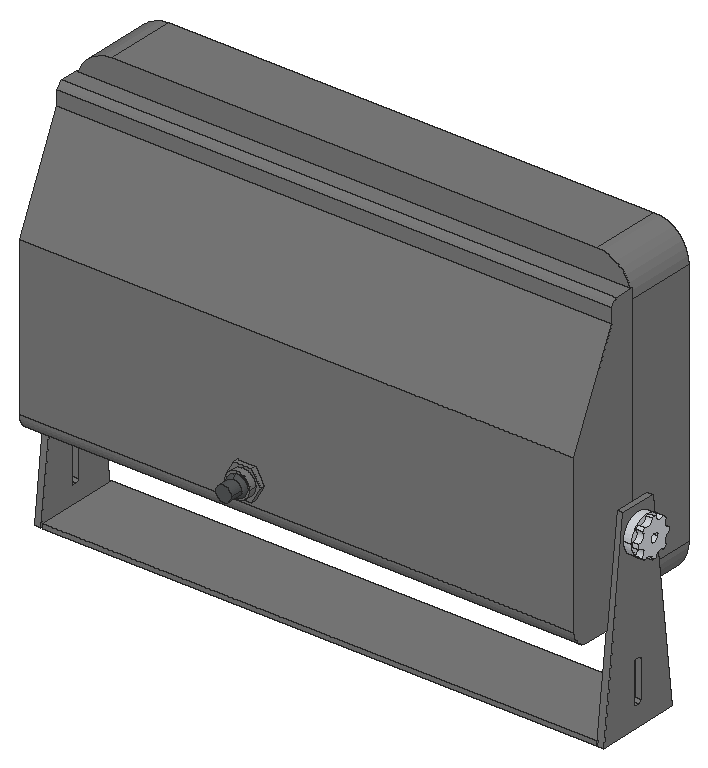
Revit family "WALL WASHER PRO_LV363WW.60", category Luminarias, Revit 2019 (continued)
Parameters (values of type "REFL_LV363WW.60")
    69.84  4495.00  3971.10  3447.20  2923.29  2399.39  1875.48  1351.58  \r\n 827.68   738.52   649.36   560.21   471.05   381.90   292.74   203.58   147.82   125.45   \r\n 103.09   95.69    88.30    80.90    73.51    66.11    58.72    51.32    43.93    36.53    \r\n 29.14    21.74    14.35    10.26    9.47     8.69     7.91     7.12     6.34     5.55     \r\n 4.77     \r\n5.45     6.63     7.81     8.99     10.17    11.35    12.52    13.70    17.92    25.17    \r\n 32.43    39.68    46.94    54.19    61.44    68.70    75.95    83.21    90.46    97.72    \r\n 104.97   133.98   162.98   245.06   380.20   515.35   650.49   785.63   920.78   1055.92  \r\n 1191.07  1863.33  2535.60  3207.87  3880.13  4552.40  5224.67  5896.93  6771.83  7849.37  \r\n 8926.90  9697.02  10467.13 10915.87 11043.24 11170.60 10637.76 10104.91 9315.39  8269.20  \r\n 7223.00  6210.73  5198.45  4434.23  3918.07  3401.90  2885.74  2369.58  1853.42  1337.26  \r\n 821.10   732.73   644.37   556.01   467.65   379.29   290.92   202.56   147.30   125.13   \r\n 102.96   95.57    88.19    80.80    73.42    66.03    58.65    51.26    43.87    36.49    \r\n 29.10    21.72    14.33    10.25    9.47     8.69     7.91     7.13     6.35     5.57     \r\n 4.79     \r\n5.45     6.62     7.80     8.98     10.15    11.33    12.51    13.69    17.87    25.05    \r\n 32.24    39.42    46.61    53.79    60.98    68.16    75.34    82.53    89.71    96.90    \r\n 104.08   132.68   161.27   242.31   375.80   509.29   642.78   776.27   909.77   1043.26  \r\n 1176.75  1834.44  2492.12  3149.81  3807.50  4465.19  5122.88  5780.56  6636.74  7691.41  \r\n 8746.08  9504.59  10263.10 10708.73 10841.47 10974.21 10436.77 9899.33  9124.14  8111.21  \r\n 7098.27  6103.35  5108.44  4357.86  3851.60  3345.35  2839.10  2332.84  1826.59  1320.34  \r\n 814.08   726.59   639.09   551.59   464.09   376.60   289.10   201.60   146.74   124.52   \r\n 102.30   94.96    87.63    80.29    72.95    65.62    58.28    50.94    43.60    36.27    \r\n 28.93    21.59    14.26    10.20    9.43     8.65     7.88     7.10     6.33     5.55     \r\n 4.78     \r\n5.45     6.62     7.79     8.96     10.14    11.31    12.48    13.65    17.80    24.91    \r\n 32.02    39.13    46.24    53.36    60.47    67.58    74.69    81.81    88.92    96.03    \r\n 103.14   131.23   159.32   238.91   370.01   501.12   632.22   763.32   894.43   1025.53  \r\n 1156.63  1797.22  2437.80  3078.38  3718.96  4359.54  5000.12  5640.71  6468.85  7484.57  \r\n 8500.28  9245.52  9990.75  10429.75 10562.51 10695.26 10170.74 9646.22  8889.61  7900.91  \r\n 6912.21  5951.62  4991.02  4263.45  3768.92  3274.39  2779.86  2285.33  1790.80  1296.27  \r\n 801.74   715.67   629.60   543.54   457.47   371.40   285.33   199.27   145.33   123.53   \r\n 101.73   94.43    87.14    79.85    72.56    65.26    57.97    50.68    43.38    36.09    \r\n 28.80    21.51    14.21    10.18    9.41     8.64     7.88     7.11     6.34     5.57     \r\n 4.80     \r\n5.44     6.61     7.78     8.95     10.13    11.30    12.47    13.64    17.73    24.75    \r\n 31.77    38.79    45.81    52.83    59.85    66.87    73.89    80.91    87.93    94.95    \r\n 101.97   129.42   156.86   234.83   363.32   491.82   620.31   748.81   877.30   1005.79  \r\n 1134.29  1753.46  2372.62  2991.79  3610.96  4230.13  4849.30  5468.47  6263.95  7235.75  \r\n 8207.55  8925.66  9643.76  10070.28 10205.21 10340.15 9829.75  9319.35  8591.46  7646.05  \r\n 6700.65  5772.06  4843.46  4139.78  3661.02  3182.26  2703.51  2224.75  1745.99  1267.23  \r\n 788.47   703.88   619.28   534.69   450.10   365.50   280.91   196.32   143.39   122.13   \r\n 100.87   93.64    86.41    79.18    71.95    64.72    57.49    50.26    43.03    35.80    \r\n 28.57    21.34    14.11    10.11    9.35     8.59     7.83     7.07     6.31     5.55     \r\n 4.79     \r\n5.46     6.62     7.79     8.95     10.11    11.28    12.44    13.61    17.64    24.56    \r\n 31.48    38.39    45.31    52.22    59.14    66.05    72.97    79.88    86.80    93.72    \r\n 100.63   127.28   153.93   229.90   355.20   480.50   605.80   731.10   856.40   981.70   \r\n 1107.00  1700.45  2293.89  2887.34  3480.78  4074.23  4667.67  5261.12  6022.03  6950.40  \r\n 7878.77  8561.74  9244.70  9650.86  9780.23  9909.60  9425.49  8941.37  8252.58  7359.12  \r\n 6465.66  5571.61  4677.57  3999.77  3538.22  3076.68  2615.13  2153.58  1692.04  1230.49  \r\n 768.94   686.75   604.56   522.37   440.17   357.98   275.79   193.60   141.99   120.97   \r\n 99.95    92.79    85.63    78.47    71.31    64.16    57.00    49.84    42.68    35.52    \r\n 28.37    21.21    14.05    10.09    9.34     8.58     7.83     7.07     6.32     5.56     \r\n 4.80     \r\n5.44     6.60     7.76     8.93     10.09    11.25    12.41    13.57    17.56    24.36    \r\n 31.16    37.97    44.77    51.58    58.38    65.19    71.99    78.80    85.60    92.41    \r\n 99.21    125.05   150.89   224.46   345.78   467.09   588.41   709.72   831.03   952.35   \r\n 1073.66  1639.15  2204.64  2770.12  3335.61  3901.10  4466.59  5032.08  5751.77  6625.66  \r\n 7499.55  8153.08  8806.62  9195.08  9318.46  9441.85  8979.13  8516.40  7864.73  7024.11  \r\n 6183.49  5334.88  4486.27  3841.14  3399.49  2957.85  2516.20  2074.56  1632.91  1191.27  \r\n 749.63   669.60   589.57   509.55   429.52   349.50   269.47   189.45   139.34   119.15   \r\n 98.95    91.87    84.78    77.70    70.62    63.53    56.45    49.37    42.28    35.20    \r\n 28.12    21.03    13.95    10.03    9.29     8.54     7.79     7.04     6.29     5.54     \r\n 4.79     \r\n5.45     6.61     7.76     8.92     10.07    11.23    12.39    13.54    17.47    24.16    \r\n 30.86    37.55    44.25    50.94    57.64    64.33    71.03    77.72    84.41    91.11    \r\n 97.80    122.73   147.65   218.71   335.91   453.11   570.32   687.52   804.72   921.92   \r\n 1039.13  1574.00  2108.88  2643.76  3178.64  3713.52  4248.40  4783.27  5460.94  6281.40  \r\n 7101.85  7712.27  8322.70  8687.83  8807.67  8927.51  8499.76  8072.01  7461.50  6668.24  \r\n 5874.97  5078.11  4281.25  3672.35  3251.42  2830.49  2409.56  1988.62  1567.69  1146.76  \r\n 725.83   648.64   571.45   494.25   417.06   339.87   262.68   185.49   137.00   117.23   \r\n 97.45    90.48    83.51    76.54    69.57    62.60    55.63    48.65    41.68    34.71    \r\n 27.74    20.77    13.80    9.95     9.21     8.47     7.74     7.00     6.26     5.53     \r\n 4.79     \r\n5.45     6.60     7.75     8.90     10.05    11.20    12.35    13.51    17.37    23.96    \r\n 30.54    37.12    43.71    50.29    56.87    63.46    70.04    76.63    83.21    89.79    \r\n 96.38    120.27   144.16   212.37   324.90   437.44   549.97   662.51   775.04   887.58   \r\n 1000.11  1503.74  2007.37  2511.00  3014.63  3518.25  4021.88  4525.51  5158.46  5920.71  \r\n 6682.96  7251.95  7820.94  8161.45  8273.48  8385.51  7993.24  7600.96  7035.64  6297.28  \r\n 5558.92  4809.93  4060.93  3487.38  3089.29  2691.20  2293.11  1895.02  1496.93  1098.84  \r\n 700.74   626.53   552.31   478.09   403.88   329.66   255.44   181.23   134.53   115.37   \r\n 96.20    89.33    82.45    75.58    68.70    61.82    54.95    48.07    41.20    34.32    \r\n 27.44    20.57    13.69    9.89     9.16     8.43     7.70     6.97     6.24     5.51     \r\n 4.79     \r\n5.46     6.60     7.74     8.88     10.02    11.17    12.31    13.45    17.25    23.72    \r\n 30.18    36.64    43.11    49.57    56.03    62.50    68.96    75.42    81.89    88.35    \r\n 94.81    117.74   140.66   205.89   313.44   420.99   528.54   636.09   743.64   851.19   \r\n 958.74   1429.14  1899.54  2369.93  2840.33  3310.73  3781.13  4251.52  4839.45  5544.91  \r\n 6250.37  6778.12  7305.86  7619.42  7718.80  7818.18  7463.92  7109.66  6591.18  5908.48  \r\n 5225.78  4532.62  3839.46  3305.05  2929.41  2553.76  2178.12  1802.47  1426.83  1051.18  \r\n 675.54   604.21   532.88   461.56   390.23   318.90   247.58   176.25   131.42   113.07   \r\n 94.73    87.96    81.20    74.43    67.67    60.90    54.14    47.38    40.61    33.85    \r\n 27.08    20.32    13.55    9.81     9.09     8.38     7.66     6.94     6.22     5.50     \r\n 4.79     \r\n5.45     6.58     7.71     8.85     9.98     11.11    12.25    13.38    17.12    23.47    \r\n 29.82    36.17    42.52    48.87    55.22    61.57    67.92    74.27    80.62    86.97    \r\n 93.32    115.14   136.95   198.87   300.88   402.89   504.90   606.91   708.92   810.93   \r\n 912.95   1350.28  1787.62  2224.96  2662.30  3099.64  3536.98  3974.32  4516.04  5162.15  \r\n 5808.27  6293.15  6778.03  7068.65  7165.02  7261.38  6935.42  6609.45  6132.07  5503.28  \r\n 4874.48  4240.61  3606.74  3113.58  2761.13  2408.68  2056.23  1703.78  1351.32  998.87   \r\n 646.42   578.57   510.71   442.86   375.00   307.15   239.29   171.44   128.64   110.90   \r\n 93.15    86.51    79.86    73.22    66.57    59.93    53.28    46.64    39.99    33.35    \r\n 26.70    20.06    13.41    9.74     9.03     8.32     7.62     6.91     6.20     5.50     \r\n 4.79     \r\n5.45     6.58     7.70     8.82     9.95     11.07    12.19    13.32    16.99    23.21    \r\n 29.43    35.65    41.87    48.09    54.32    60.54    66.76    72.98    79.20    85.42    \r\n 91.64    112.50   133.35   192.08   288.68   385.28   481.88   578.48   675.08   771.69   \r\n 868.29   1273.96  1679.64  2085.31  2490.99  2896.66  3302.34  3708.01  4202.72  4786.47  \r\n 5370.21  5817.89  6265.58  6531.43  6615.44  6699.44  6404.66  6109.87  5676.79  5105.40  \r\n 4534.01  3954.88  3375.76  2921.60  2592.40  2263.20  1934.00  1604.80  1275.60  946.40   \r\n 617.20   552.80   488.40   424.00   359.60   295.20   230.80   166.40   125.70   108.71   \r\n 91.71    85.18    78.64    72.10    65.57    59.03    52.49    45.96    39.42    32.88    \r\n 26.35    19.81    13.27    9.66     8.96     8.26     7.57     6.87     6.18     5.48     \r\n 4.79     \r\n5.46     6.57     7.69     8.80     9.92     11.03    12.14    13.26    16.87    22.97    \r\n 29.07    35.17    41.27    47.38    53.48    59.58    65.68    71.78    77.89    83.99    \r\n 90.09    109.92   129.75   185.08   275.90   366.72   457.54   548.36   639.18   730.00   \r\n 820.82   1192.79  1564.76  1936.72  2308.69  2680.66  3052.62  3424.59  3876.47  4408.27  \r\n 4940.07  5341.13  5742.18  5980.86  6057.16  6133.47  5873.18  5612.89  5225.35  4710.57  \r\n 4195.79  3670.51  3145.23  2729.79  2424.19  2118.60  1813.01  1507.41  1201.82  896.22   \r\n 590.63   529.27   467.91   406.55   345.20   283.84   222.48   161.12   122.35   106.18   \r\n 90.01    83.60    77.19    70.79    64.38    57.97    51.56    45.15    38.74    32.33    \r\n 25.92    19.52    13.11    9.56     8.88     8.21     7.53     6.85     6.17     5.49     \r\n 4.81     \r\n5.45     6.55     7.66     8.76     9.87     10.97    12.08    13.18    16.72    22.70    \r\n 28.68    34.66    40.63    46.61    52.59    58.57    64.54    70.52    76.50    82.48    \r\n 88.46    107.39   126.32   178.42   263.68   348.95   434.22   519.48   604.75   690.02   \r\n 775.29   1115.69  1456.09  1796.50  2136.90  2477.30  2817.71  3158.11  3566.57  4043.07  \r\n 4519.58  4881.91  5244.25  5460.32  5530.11  5599.91  5363.76  5127.62  4780.25  4321.67  \r\n 3863.10  3387.14  2911.19  2532.26  2250.36  1968.47  1686.57  1404.67  1122.78  840.88   \r\n 558.98   501.44   443.89   386.34   328.80   271.25   213.71   156.16   119.58   103.96   \r\n 88.35    82.07    75.78    69.50    63.22    56.94    50.66    44.38    38.09    31.81    \r\n 25.53    19.25    12.97    9.49     8.82     8.15     7.48     6.81     6.14     5.47     \r\n 4.79     \r\n5.47     6.56     7.65     8.74     9.84     10.93    12.02    13.11    16.58    22.44    \r\n 28.29    34.14    40.00    45.85    51.70    57.56    63.41    69.26    75.12    80.97    \r\n 86.82    104.84   122.86   171.68   251.31   330.95   410.58   490.21   569.84   649.48   \r\n 729.11   1039.75  1350.39  1661.03  1971.66  2282.30  2592.94  2903.58  3271.31  3696.14  \r\n 4120.97  4441.43  4761.89  4954.95  5020.60  5086.25  4881.45  4676.64  4366.36  3950.60  \r\n 3534.83  3108.15  2681.47  2338.95  2080.58  1822.22  1563.85  1305.49  1047.12  788.76   \r\n 530.39   476.20   422.01   367.83   313.64   259.45   205.26   151.08   116.52   101.59   \r\n 86.66    80.51    74.35    68.20    62.04    55.89    49.74    43.58    37.43    31.27    \r\n 25.12    18.96    12.81    9.40     8.75     8.09     7.43     6.77     6.12     5.46     \r\n 4.80     \r\n5.46     6.54     7.62     8.71     9.79     10.88    11.96    13.05    16.45    22.18    \r\n 27.92    33.65    39.38    45.11    50.84    56.57    62.30    68.03    73.76    79.49    \r\n 85.22    102.40   119.58   165.21   239.27   313.33   387.40   461.46   535.52   609.59   \r\n 683.65   964.43   1245.21  1525.99  1806.77  2087.55  2368.33  2649.11  2979.14  3358.44  \r\n 3737.73  4023.70  4309.67  4480.56  4536.37  4592.19  4413.76  4235.33  3961.84  3593.27  \r\n 3224.70  2840.64  2456.58  2146.87  1911.51  1676.14  1440.78  1205.42  970.06   734.70   \r\n 499.34   448.82   398.30   347.78   297.26   246.74   196.22   145.70   113.34   99.14    \r\n 84.94    78.92    72.89    66.87    60.84    54.82    48.80    42.77    36.75    30.72    \r\n 24.70    18.67    12.65    9.31     8.67     8.02     7.38     6.73     6.09     5.44     \r\n 4.79     \r\n5.47     6.54     7.61     8.69     9.76     10.83    11.90    12.98    16.32    21.92    \r\n 27.53    33.14    38.75    44.35    49.96    55.57    61.18    66.79    72.39    78.00    \r\n 83.61    99.94    116.28   158.75   227.36   295.97   364.59   433.20   501.81   570.42   \r\n 639.03   891.04   1143.04  1395.04  1647.04  1899.04  2151.05  2403.05  2698.38  3037.05  \r\n 3375.71  3627.07  3878.44  4028.14  4076.17  4124.21  3970.45  3816.69  3578.92  3257.12  \r\n 2935.33  2589.35  2243.37  1963.71  1750.35  1537.00  1323.65  1110.29  896.94   683.59   \r\n 470.23   423.23   376.23   329.23   282.23   235.23   188.22   141.22   110.82   97.01    \r\n 83.20    77.30    71.41    65.52    59.63    53.74    47.85    41.95    36.06    30.17    \r\n 24.28    18.39    12.50    9.23     8.60     7.96     7.33     6.70     6.06     5.43     \r\n 4.79     \r\n5.46     6.53     7.59     8.65     9.71     10.77    11.83    12.89    16.17    21.67    \r\n 27.16    32.65    38.15    43.64    49.13    54.63    60.12    65.62    71.11    76.60    \r\n 82.10    97.78    113.46   152.97   216.28   279.60   342.92   406.24   469.56   532.88   \r\n 596.20   821.61   1047.02  1272.44  1497.85  1723.26  1948.68  2174.09  2436.18  2734.93  \r\n 3033.69  3257.46  3481.23  3614.39  3656.95  3699.50  3564.30  3429.11  3218.46  2932.36  \r\n 2646.26  2343.21  2040.15  1792.08  1598.98  1405.88  1212.78  1019.68  826.58   633.48   \r\n 440.38   396.87   353.37   309.86   266.36   222.85   179.35   135.84   107.56   94.51    \r\n 81.45    75.69    69.93    64.17    58.41    52.65    46.89    41.13    35.37    29.61    \r\n 23.85    18.09    12.33    9.14     8.52     7.90     7.28     6.66     6.04     5.42     \r\n 4.80     \r\n5.45     6.50     7.55     8.61     9.66     10.72    11.77    12.83    16.03    21.39    \r\n 26.76    32.12    37.48    42.84    48.20    53.56    58.92    64.28    69.64    75.01    \r\n 80.37    95.43    110.50   147.11   205.29   263.46   321.63   379.80   437.97   496.14   \r\n 554.31   754.90   955.50   1156.09  1356.68  1557.27  1757.87  1958.46  2190.51  2454.02  \r\n 2717.54  2920.99  3124.45  3241.96  3273.53  3305.11  3188.23  3071.36  2887.35  2636.20  \r\n 2385.06  2116.59  1848.13  1627.04  1453.33  1279.63  1105.92  932.21   758.50   584.80   \r\n 411.09   371.11   331.14   291.16   251.18   211.21   171.23   131.26   104.94   92.28    \r\n 79.62    74.00    68.38    62.76    57.13    51.51    45.89    40.27    34.65    29.02    \r\n 23.40    17.78    12.16    9.04     8.44     7.83     7.23     6.62     6.02     5.41     \r\n 4.80     \r\n5.46     6.50     7.54     8.58     9.62     10.66    11.70    12.74    15.88    21.12    \r\n 26.36    31.60    36.84    42.08    47.32    52.56    57.80    63.04    68.28    73.52    \r\n 78.76    93.17    107.59   141.53   194.98   248.44   301.90   355.36   408.82   462.28   \r\n 515.74   693.37   871.00   1048.63  1226.25  1403.88  1581.51  1759.14  1963.32  2194.05  \r\n 2
